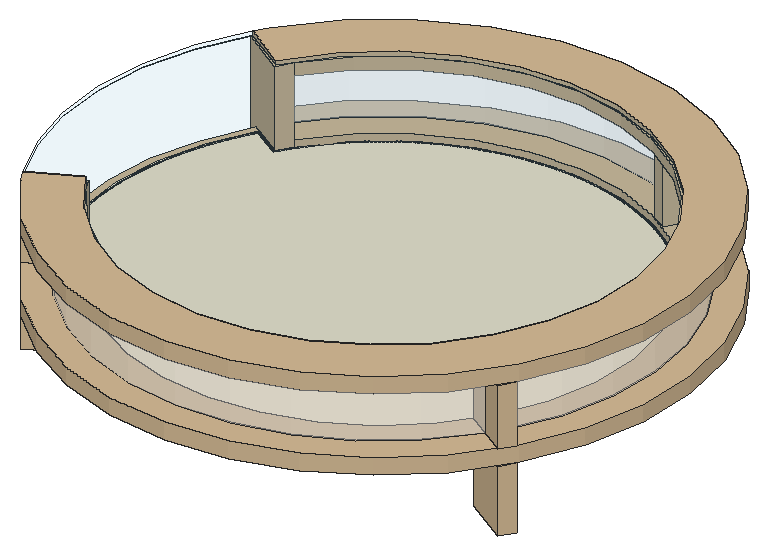
Revit family "MESA DE CENTRO M.A. 1,10M", category Modelos genéricos, Revit 2024
Family settings
  Pode hospedar o vergalhão = Não
  Cota do conector redondo = Utilizar diâmetro
  Tipo de parte = Normal
  Com base no plano de trabalho = Não
  Sempre na vertical = Sim
  Corte com vazios quando carregada = Sim
  Manter orientação da anotação = Não
  Compartilhado = Não
  Ponto de cálculo do ambiente = Não
Parameters
  Elevação padrão = 0.0 cm
Reference planes (cm)
  plane 1 "Centro (Frente/Trás)": y = 0
  plane 2: z = 0
  plane 3 "Centro (Esquerda/Direita)": x = 0
  plane 4: x = -125
  plane 5: x = 125
  plane 6: y = -28
  plane 7: y = 28
Forms (cm)
  Extrusion 1, solid, material "MADEIRA NATURAL"
    sketch origin (1892.8496, 374.0535, -14) x (0.691663, 0.722221, 0) y (0.722221, -0.691663, 0)
      loop
        arc (-144.3241, 424.486) -> (-144.7005, 423.0326) -> (-145.1388, 421.5968) r 35
        line (-145.1388, 421.5968) -> (-135.4031, 419.2124)
        arc (-135.4031, 419.2124) -> (-134.9829, 420.6531) -> (-134.611, 422.107) r 45
        line (-134.611, 422.107) -> (-144.3241, 424.486)
      loop
        line (-177.4073, 478.5663) -> (-175.0284, 488.2792)
        arc (-175.0284, 488.2792) -> (-176.4921, 488.6119) -> (-177.9661, 488.8956) r 45
        line (-177.9661, 488.8956) -> (-180.3518, 479.1548)
        arc (-180.3518, 479.1548) -> (-178.8733, 478.8922) -> (-177.4073, 478.5663) r 35
    from -61.0046 to -49.0046
  Extrusion 2, solid, material "MADEIRA NATURAL"
    sketch origin (1883.0016, 375.79, 0) x (0.691663, 0.722221, 0) y (0.722221, -0.691663, 0)
      loop
        line (-235.3676, 427.7641) -> (-225.7665, 430.5604)
        arc (-225.7665, 430.5604) -> (-226.1621, 432.0084) -> (-226.5093, 433.4688) r 45
        line (-226.5093, 433.4688) -> (-236.1278, 430.6674)
        arc (-236.1278, 430.6674) -> (-235.7675, 429.2106) -> (-235.3676, 427.7641) r 55
      loop
        line (-193.2666, 399.4356) -> (-195.6454, 389.7227)
        arc (-195.6454, 389.7227) -> (-194.1831, 389.3856) -> (-192.7121, 389.0886) r 55
        line (-192.7121, 389.0886) -> (-190.3289, 398.8192)
        arc (-190.3289, 398.8192) -> (-191.8029, 399.1029) -> (-193.2666, 399.4356) r 45
    from -64.0046 to -35.0046
  Extrusion 3, solid, material "MADEIRA NATURAL"
    sketch origin (1621.2637, 481.4726, 16.57) x (0.707107, -0.707107, 0) y (0.707107, 0.707107, 0)
      loop
        arc (695.4744, -116.4193) -> (745.6814, -23.7052) -> (652.9672, -73.9121) r 55
        line (652.9672, -73.9121) -> (662.6441, -71.3192)
        arc (662.6441, -71.3192) -> (738.6103, -30.7762) -> (698.0673, -106.7425) r 45
        line (698.0673, -106.7425) -> (695.4744, -116.4193)
    from 44.4346 to 47.4346
  Extrusion 4, solid, material "_PALHINHA"
    sketch origin (1646.7721, 327.0603, 45.0046) x (0.707107, -0.707107, 0) y (0.707107, 0.707107, 0)
      loop
        arc (569.5216, -20.5297) -> (614.9934, -6.8733) -> (628.6499, 38.5986) r 50.1
        line (628.6499, 38.5986) -> (628.4564, 38.5467)
        arc (628.4564, 38.5467) -> (614.852, -6.7318) -> (569.5735, -20.3362) r 49.9
        line (569.5735, -20.3362) -> (569.5216, -20.5297)
      loop
        line (530.4849, 18.507) -> (530.6784, 18.5589)
        arc (530.6784, 18.5589) -> (536.4251, 53.6278) -> (564.0523, 75.9795) r 49.9
        line (564.0523, 75.9795) -> (564.0005, 76.173)
        arc (564.0005, 76.173) -> (536.2519, 53.7278) -> (530.4849, 18.507) r 50.1
      loop
        line (627.7671, 41.4679) -> (627.9603, 41.5196)
        arc (627.9603, 41.5196) -> (604.7422, 71.8684) -> (566.8794, 77.0195) r 50.1
        line (566.8794, 77.0195) -> (566.9312, 76.8263)
        arc (566.9312, 76.8263) -> (604.6422, 71.6952) -> (627.7671, 41.4679) r 49.9
    from 5 to 16
  Extrusion 5, solid, material "MADEIRA NATURAL"
    sketch origin (1892.8496, 374.0535, 2) x (0.691663, 0.722221, 0) y (0.722221, -0.691663, 0)
      loop
        line (-177.4073, 478.5663) -> (-175.0284, 488.2792)
        arc (-175.0284, 488.2792) -> (-176.4921, 488.6119) -> (-177.9661, 488.8956) r 45
        line (-177.9661, 488.8956) -> (-180.3518, 479.1548)
        arc (-180.3518, 479.1548) -> (-178.8733, 478.8922) -> (-177.4073, 478.5663) r 35
      loop
        arc (-144.3432, 424.4057) -> (-144.7195, 422.9524) -> (-145.1578, 421.5166) r 35
        line (-145.1578, 421.5166) -> (-135.4222, 419.1322)
        arc (-135.4222, 419.1322) -> (-135.0019, 420.5729) -> (-134.63, 422.0268) r 45
        line (-134.63, 422.0268) -> (-144.3432, 424.4057)
    from -59.0046 to -48.0046
  Extrusion 6, solid, material "Vidro"
    sketch origin (1592.2657, 494.2748, 63.2046) x (0.707107, -0.707107, 0) y (0.707107, 0.707107, 0)
      loop
        line (692.5146, -62.5784) -> (683.1449, -65.089)
        arc (683.1449, -65.089) -> (697.4568, -90.0348) -> (722.4026, -104.3467) r 55
        line (722.4026, -104.3467) -> (724.9132, -94.977)
        arc (724.9132, -94.977) -> (768.3796, -19.112) -> (692.5146, -62.5784) r 45.3
    from 0 to 0.8
  Extrusion 7, solid, material "MADEIRA NATURAL"
    sketch origin (1621.2637, 481.4726, 2.57) x (0.707107, -0.707107, 0) y (0.707107, 0.707107, 0)
      loop
        arc (695.4744, -116.4193) -> (745.6814, -23.7052) -> (652.9672, -73.9121) r 55
        line (652.9672, -73.9121) -> (662.6441, -71.3192)
        arc (662.6441, -71.3192) -> (738.6103, -30.7762) -> (698.0673, -106.7425) r 45
        line (698.0673, -106.7425) -> (695.4744, -116.4193)
    from 44.4346 to 47.4346
  Extrusion 8, solid, material "MADEIRA NATURAL"
    sketch origin (1621.2637, 481.4726, 2.57) x (0.707107, -0.707107, 0) y (0.707107, 0.707107, 0)
      loop
        arc (655.5964, -76.3134) -> (669.3138, -100.0727) -> (693.0731, -113.7901) r 53
        line (693.0731, -113.7901) -> (695.1436, -106.0627)
        arc (695.1436, -106.0627) -> (696.5998, -106.427) -> (698.0673, -106.7425) r 45
        arc (698.0673, -106.7425) -> (738.6103, -30.7762) -> (662.6441, -71.3192) r 45
        arc (662.6441, -71.3192) -> (662.9596, -72.7867) -> (663.3238, -74.2429) r 45
        line (663.3238, -74.2429) -> (655.5964, -76.3134)
    from 44.4346 to 45.9346
  Extrusion 9, void
    sketch origin (1592.2657, 494.2748, 63.1921) x (0.707107, -0.707107, 0) y (0.707107, 0.707107, 0)
      loop
        line (692.5146, -62.5784) -> (683.1449, -65.089)
        arc (683.1449, -65.089) -> (697.4568, -90.0348) -> (722.4026, -104.3467) r 55
        line (722.4026, -104.3467) -> (724.9132, -94.977)
        arc (724.9132, -94.977) -> (768.3796, -19.112) -> (692.5146, -62.5784) r 45.3
    from 0 to 0.8
  Extrusion 10, solid, material "COURO", not visible
    sketch origin (1318.828, -196.3936, 44.5852) x (0.998729, -0.050408, 0) y (0.050408, 0.998729, 0)
      loop
        line (762.865, 30.5602) -> (762.9664, 30.6028) -> (762.8502, 30.8794) -> (762.7488, 30.8367) -> (762.865, 30.5602)
    from 0 to 0.0248
  Extrusion 11, solid, material "COURO"
    sketch origin (1645.7337, 345.0679, 4.07) x (0.707107, -0.707107, 0) y (0.707107, 0.707107, 0)
      loop
        arc (581.3881, -26.9129) -> (624.8547, 48.3736) -> (549.5683, 4.907) r 45
        line (549.5683, 4.907) -> (543.2897, 3.2246)
        arc (543.2897, 3.2246) -> (556.6189, -19.8622) -> (579.7057, -33.1914) r 51.5
        line (579.7057, -33.1914) -> (581.3881, -26.9129)
    from 44.4346 to 44.5689
  Extrusion 12, solid, material "COURO"
    sketch origin (1601.5802, 498.6675, 4.1881) x (0.707107, -0.707107, 0) y (0.707107, 0.707107, 0)
      loop
        line (683.7058, -74.3891) -> (683.9956, -74.3114) -> (683.9697, -74.2148) -> (683.6799, -74.2925) -> (683.7058, -74.3891)
      loop
        line (684.0922, -74.2856) -> (684.382, -74.2079) -> (684.3561, -74.1113) -> (684.0663, -74.189) -> (684.0922, -74.2856)
      loop
        line (684.4786, -74.182) -> (684.7683, -74.1044) -> (684.7425, -74.0078) -> (684.4527, -74.0854) -> (684.4786, -74.182)
      loop
        line (684.8649, -74.0785) -> (685.1547, -74.0009) -> (685.1288, -73.9043) -> (684.8391, -73.9819) -> (684.8649, -74.0785)
      loop
        line (685.2513, -73.975) -> (685.5411, -73.8973) -> (685.5152, -73.8007) -> (685.2254, -73.8784) -> (685.2513, -73.975)
      loop
        line (685.6377, -73.8714) -> (685.9275, -73.7938) -> (685.9016, -73.6972) -> (685.6118, -73.7749) -> (685.6377, -73.8714)
      loop
        line (686.024, -73.7679) -> (686.3138, -73.6903) -> (686.2879, -73.5937) -> (685.9982, -73.6713) -> (686.024, -73.7679)
      loop
        line (686.4104, -73.6644) -> (686.7002, -73.5867) -> (686.6743, -73.4902) -> (686.3845, -73.5678) -> (686.4104, -73.6644)
      loop
        line (686.7968, -73.5609) -> (687.0866, -73.4832) -> (687.0607, -73.3866) -> (686.7709, -73.4643) -> (686.7968, -73.5609)
      loop
        line (687.1832, -73.4573) -> (687.4729, -73.3797) -> (687.4471, -73.2831) -> (687.1573, -73.3607) -> (687.1832, -73.4573)
      loop
        line (687.5695, -73.3538) -> (687.8593, -73.2762) -> (687.8334, -73.1796) -> (687.5436, -73.2572) -> (687.5695, -73.3538)
      loop
        line (687.9559, -73.2503) -> (688.2457, -73.1726) -> (688.2198, -73.076) -> (687.93, -73.1537) -> (687.9559, -73.2503)
      loop
        line (688.3423, -73.1468) -> (688.632, -73.0691) -> (688.6062, -72.9725) -> (688.3164, -73.0502) -> (688.3423, -73.1468)
      loop
        line (688.7286, -73.0432) -> (689.0184, -72.9656) -> (688.9925, -72.869) -> (688.7028, -72.9466) -> (688.7286, -73.0432)
      loop
        line (689.115, -72.9397) -> (689.4048, -72.8621) -> (689.3789, -72.7655) -> (689.0891, -72.8431) -> (689.115, -72.9397)
      loop
        line (689.5014, -72.8362) -> (689.7912, -72.7585) -> (689.7653, -72.6619) -> (689.4755, -72.7396) -> (689.5014, -72.8362)
    from 44.4346 to 44.4509
  Extrusion 13, solid, material "COURO"
    sketch origin (1601.6957, 498.6601, 4.1881) x (0.707107, -0.707107, 0) y (0.707107, 0.707107, 0)
      loop
        arc (683.405, -74.3579) -> (683.4547, -74.503) -> (683.5052, -74.6479) r 26.2
        line (683.5052, -74.6479) -> (683.6068, -74.6354)
        arc (683.6068, -74.6354) -> (683.5562, -74.4906) -> (683.5064, -74.3454) r 26.1
        line (683.5064, -74.3454) -> (683.405, -74.3579)
    from 44.4346 to 44.4509
  Extrusion 14, solid, material "COURO"
    sketch origin (1349.1526, -168.2189, 4.1881) x (0.97437, 0.224951, 0) y (-0.224951, 0.97437, 0)
      loop
        arc (683.405, -74.3579) -> (683.4547, -74.503) -> (683.5052, -74.6479) r 26.2
        line (683.5052, -74.6479) -> (683.6068, -74.6354)
        arc (683.6068, -74.6354) -> (683.5562, -74.4906) -> (683.5064, -74.3454) r 26.1
        line (683.5064, -74.3454) -> (683.405, -74.3579)
    from 44.4346 to 44.4509
  Extrusion 15, solid, material "COURO"
    sketch origin (1596.9387, 494.5969, 4.1881) x (0.713096, -0.701066, 0) y (0.701066, 0.713096, 0)
      loop
        arc (683.405, -74.3579) -> (683.4547, -74.503) -> (683.5052, -74.6479) r 26.2
        line (683.5052, -74.6479) -> (683.6068, -74.6354)
        arc (683.6068, -74.6354) -> (683.5562, -74.4906) -> (683.5064, -74.3454) r 26.1
        line (683.5064, -74.3454) -> (683.405, -74.3579)
    from 44.4346 to 44.4509
  Extrusion 16, solid, material "COURO"
    sketch origin (1592.2164, 490.4934, 4.1881) x (0.719034, -0.694975, 0) y (0.694975, 0.719034, 0)
      loop
        arc (683.405, -74.3579) -> (683.4547, -74.503) -> (683.5052, -74.6479) r 26.2
        line (683.5052, -74.6479) -> (683.6068, -74.6354)
        arc (683.6068, -74.6354) -> (683.5562, -74.4906) -> (683.5064, -74.3454) r 26.1
        line (683.5064, -74.3454) -> (683.405, -74.3579)
    from 44.4346 to 44.4509
  Extrusion 17, solid, material "COURO"
    sketch origin (1587.5292, 486.3499, 4.1881) x (0.72492, -0.688833, 0) y (0.688833, 0.72492, 0)
      loop
        arc (683.405, -74.3579) -> (683.4547, -74.503) -> (683.5052, -74.6479) r 26.2
        line (683.5052, -74.6479) -> (683.6068, -74.6354)
        arc (683.6068, -74.6354) -> (683.5562, -74.4906) -> (683.5064, -74.3454) r 26.1
        line (683.5064, -74.3454) -> (683.405, -74.3579)
    from 44.4346 to 44.4509
  Extrusion 18, solid, material "COURO"
    sketch origin (1582.8774, 482.1666, 4.1881) x (0.730753, -0.682642, 0) y (0.682642, 0.730753, 0)
      loop
        arc (683.405, -74.3579) -> (683.4547, -74.503) -> (683.5052, -74.6479) r 26.2
        line (683.5052, -74.6479) -> (683.6068, -74.6354)
        arc (683.6068, -74.6354) -> (683.5562, -74.4906) -> (683.5064, -74.3454) r 26.1
        line (683.5064, -74.3454) -> (683.405, -74.3579)
    from 44.4346 to 44.4509
  Extrusion 19, solid, material "COURO"
    sketch origin (1578.2614, 477.9439, 4.1881) x (0.736534, -0.676401, 0) y (0.676401, 0.736534, 0)
      loop
        arc (683.405, -74.3579) -> (683.4547, -74.503) -> (683.5052, -74.6479) r 26.2
        line (683.5052, -74.6479) -> (683.6068, -74.6354)
        arc (683.6068, -74.6354) -> (683.5562, -74.4906) -> (683.5064, -74.3454) r 26.1
        line (683.5064, -74.3454) -> (683.405, -74.3579)
    from 44.4346 to 44.4509
  Extrusion 20, solid, material "COURO"
    sketch origin (1573.6814, 473.6821, 4.1881) x (0.742261, -0.670111, 0) y (0.670111, 0.742261, 0)
      loop
        arc (683.405, -74.3579) -> (683.4547, -74.503) -> (683.5052, -74.6479) r 26.2
        line (683.5052, -74.6479) -> (683.6068, -74.6354)
        arc (683.6068, -74.6354) -> (683.5562, -74.4906) -> (683.5064, -74.3454) r 26.1
        line (683.5064, -74.3454) -> (683.405, -74.3579)
    from 44.4346 to 44.4509
  Extrusion 21, solid, material "COURO"
    sketch origin (1569.1379, 469.3815, 4.1881) x (0.747934, -0.663773, 0) y (0.663773, 0.747934, 0)
      loop
        arc (683.405, -74.3579) -> (683.4547, -74.503) -> (683.5052, -74.6479) r 26.2
        line (683.5052, -74.6479) -> (683.6068, -74.6354)
        arc (683.6068, -74.6354) -> (683.5562, -74.4906) -> (683.5064, -74.3454) r 26.1
        line (683.5064, -74.3454) -> (683.405, -74.3579)
    from 44.4346 to 44.4509
  Extrusion 22, solid, material "COURO"
    sketch origin (1564.6311, 465.0424, 4.1881) x (0.753554, -0.657386, 0) y (0.657386, 0.753554, 0)
      loop
        arc (683.405, -74.3579) -> (683.4547, -74.503) -> (683.5052, -74.6479) r 26.2
        line (683.5052, -74.6479) -> (683.6068, -74.6354)
        arc (683.6068, -74.6354) -> (683.5562, -74.4906) -> (683.5064, -74.3454) r 26.1
        line (683.5064, -74.3454) -> (683.405, -74.3579)
    from 44.4346 to 44.4509
  Extrusion 23, solid, material "COURO"
    sketch origin (1560.1614, 460.6651, 4.1881) x (0.759119, -0.650952, 0) y (0.650952, 0.759119, 0)
      loop
        arc (683.405, -74.3579) -> (683.4547, -74.503) -> (683.5052, -74.6479) r 26.2
        line (683.5052, -74.6479) -> (683.6068, -74.6354)
        arc (683.6068, -74.6354) -> (683.5562, -74.4906) -> (683.5064, -74.3454) r 26.1
        line (683.5064, -74.3454) -> (683.405, -74.3579)
    from 44.4346 to 44.4509
  Extrusion 24, solid, material "COURO"
    sketch origin (1555.7291, 456.25, 4.1881) x (0.764628, -0.644471, 0) y (0.644471, 0.764628, 0)
      loop
        arc (683.405, -74.3579) -> (683.4547, -74.503) -> (683.5052, -74.6479) r 26.2
        line (683.5052, -74.6479) -> (683.6068, -74.6354)
        arc (683.6068, -74.6354) -> (683.5562, -74.4906) -> (683.5064, -74.3454) r 26.1
        line (683.5064, -74.3454) -> (683.405, -74.3579)
    from 44.4346 to 44.4509
  Extrusion 25, solid, material "COURO"
    sketch origin (1551.3346, 451.7973, 4.1881) x (0.770083, -0.637944, 0) y (0.637944, 0.770083, 0)
      loop
        arc (683.405, -74.3579) -> (683.4547, -74.503) -> (683.5052, -74.6479) r 26.2
        line (683.5052, -74.6479) -> (683.6068, -74.6354)
        arc (683.6068, -74.6354) -> (683.5562, -74.4906) -> (683.5064, -74.3454) r 26.1
        line (683.5064, -74.3454) -> (683.405, -74.3579)
    from 44.4346 to 44.4509
  Extrusion 26, solid, material "COURO"
    sketch origin (1546.978, 447.3074, 4.1881) x (0.775482, -0.63137, 0) y (0.63137, 0.775482, 0)
      loop
        arc (683.405, -74.3579) -> (683.4547, -74.503) -> (683.5052, -74.6479) r 26.2
        line (683.5052, -74.6479) -> (683.6068, -74.6354)
        arc (683.6068, -74.6354) -> (683.5562, -74.4906) -> (683.5064, -74.3454) r 26.1
        line (683.5064, -74.3454) -> (683.405, -74.3579)
    from 44.4346 to 44.4509
  Extrusion 27, solid, material "COURO"
    sketch origin (1542.6598, 442.7806, 4.1881) x (0.780825, -0.62475, 0) y (0.62475, 0.780825, 0)
      loop
        arc (683.405, -74.3579) -> (683.4547, -74.503) -> (683.5052, -74.6479) r 26.2
        line (683.5052, -74.6479) -> (683.6068, -74.6354)
        arc (683.6068, -74.6354) -> (683.5562, -74.4906) -> (683.5064, -74.3454) r 26.1
        line (683.5064, -74.3454) -> (683.405, -74.3579)
    from 44.4346 to 44.4509
  Extrusion 28, solid, material "COURO"
    sketch origin (1538.3803, 438.2172, 4.1881) x (0.786111, -0.618086, 0) y (0.618086, 0.786111, 0)
      loop
        arc (683.405, -74.3579) -> (683.4547, -74.503) -> (683.5052, -74.6479) r 26.2
        line (683.5052, -74.6479) -> (683.6068, -74.6354)
        arc (683.6068, -74.6354) -> (683.5562, -74.4906) -> (683.5064, -74.3454) r 26.1
        line (683.5064, -74.3454) -> (683.405, -74.3579)
    from 44.4346 to 44.4509
  Extrusion 29, solid, material "COURO"
    sketch origin (1534.1397, 433.6176, 4.1881) x (0.79134, -0.611376, 0) y (0.611376, 0.79134, 0)
      loop
        arc (683.405, -74.3579) -> (683.4547, -74.503) -> (683.5052, -74.6479) r 26.2
        line (683.5052, -74.6479) -> (683.6068, -74.6354)
        arc (683.6068, -74.6354) -> (683.5562, -74.4906) -> (683.5064, -74.3454) r 26.1
        line (683.5064, -74.3454) -> (683.405, -74.3579)
    from 44.4346 to 44.4509
  Extrusion 30, solid, material "COURO"
    sketch origin (1529.9384, 428.9821, 4.1881) x (0.796512, -0.604622, 0) y (0.604622, 0.796512, 0)
      loop
        arc (683.405, -74.3579) -> (683.4547, -74.503) -> (683.5052, -74.6479) r 26.2
        line (683.5052, -74.6479) -> (683.6068, -74.6354)
        arc (683.6068, -74.6354) -> (683.5562, -74.4906) -> (683.5064, -74.3454) r 26.1
        line (683.5064, -74.3454) -> (683.405, -74.3579)
    from 44.4346 to 44.4509
  Extrusion 31, solid, material "COURO"
    sketch origin (1525.7767, 424.311, 4.1881) x (0.801627, -0.597825, 0) y (0.597825, 0.801627, 0)
      loop
        arc (683.405, -74.3579) -> (683.4547, -74.503) -> (683.5052, -74.6479) r 26.2
        line (683.5052, -74.6479) -> (683.6068, -74.6354)
        arc (683.6068, -74.6354) -> (683.5562, -74.4906) -> (683.5064, -74.3454) r 26.1
        line (683.5064, -74.3454) -> (683.405, -74.3579)
    from 44.4346 to 44.4509
  Extrusion 32, solid, material "COURO"
    sketch origin (1521.6549, 419.6046, 4.1881) x (0.806683, -0.590984, 0) y (0.590984, 0.806683, 0)
      loop
        arc (683.405, -74.3579) -> (683.4547, -74.503) -> (683.5052, -74.6479) r 26.2
        line (683.5052, -74.6479) -> (683.6068, -74.6354)
        arc (683.6068, -74.6354) -> (683.5562, -74.4906) -> (683.5064, -74.3454) r 26.1
        line (683.5064, -74.3454) -> (683.405, -74.3579)
    from 44.4346 to 44.4509
  Extrusion 33, solid, material "COURO"
    sketch origin (1517.5733, 414.8634, 4.1881) x (0.811681, -0.584101, 0) y (0.584101, 0.811681, 0)
      loop
        arc (683.405, -74.3579) -> (683.4547, -74.503) -> (683.5052, -74.6479) r 26.2
        line (683.5052, -74.6479) -> (683.6068, -74.6354)
        arc (683.6068, -74.6354) -> (683.5562, -74.4906) -> (683.5064, -74.3454) r 26.1
        line (683.5064, -74.3454) -> (683.405, -74.3579)
    from 44.4346 to 44.4509
  Extrusion 34, solid, material "COURO"
    sketch origin (1513.5322, 410.0877, 4.1881) x (0.81662, -0.577175, 0) y (0.577175, 0.81662, 0)
      loop
        arc (683.405, -74.3579) -> (683.4547, -74.503) -> (683.5052, -74.6479) r 26.2
        line (683.5052, -74.6479) -> (683.6068, -74.6354)
        arc (683.6068, -74.6354) -> (683.5562, -74.4906) -> (683.5064, -74.3454) r 26.1
        line (683.5064, -74.3454) -> (683.405, -74.3579)
    from 44.4346 to 44.4509
  Extrusion 35, solid, material "COURO"
    sketch origin (1509.5318, 405.2777, 4.1881) x (0.821501, -0.570208, 0) y (0.570208, 0.821501, 0)
      loop
        arc (683.405, -74.3579) -> (683.4547, -74.503) -> (683.5052, -74.6479) r 26.2
        line (683.5052, -74.6479) -> (683.6068, -74.6354)
        arc (683.6068, -74.6354) -> (683.5562, -74.4906) -> (683.5064, -74.3454) r 26.1
        line (683.5064, -74.3454) -> (683.405, -74.3579)
    from 44.4346 to 44.4509
  Extrusion 36, solid, material "COURO"
    sketch origin (1505.5725, 400.4339, 4.1881) x (0.826321, -0.563199, 0) y (0.563199, 0.826321, 0)
      loop
        arc (683.405, -74.3579) -> (683.4547, -74.503) -> (683.5052, -74.6479) r 26.2
        line (683.5052, -74.6479) -> (683.6068, -74.6354)
        arc (683.6068, -74.6354) -> (683.5562, -74.4906) -> (683.5064, -74.3454) r 26.1
        line (683.5064, -74.3454) -> (683.405, -74.3579)
    from 44.4346 to 44.4509
  Extrusion 37, solid, material "COURO"
    sketch origin (1501.6545, 395.5565, 4.1881) x (0.831082, -0.556149, 0) y (0.556149, 0.831082, 0)
      loop
        arc (683.405, -74.3579) -> (683.4547, -74.503) -> (683.5052, -74.6479) r 26.2
        line (683.5052, -74.6479) -> (683.6068, -74.6354)
        arc (683.6068, -74.6354) -> (683.5562, -74.4906) -> (683.5064, -74.3454) r 26.1
        line (683.5064, -74.3454) -> (683.405, -74.3579)
    from 44.4346 to 44.4509
  Extrusion 38, solid, material "COURO"
    sketch origin (1497.7782, 390.6461, 4.1881) x (0.835783, -0.54906, 0) y (0.54906, 0.835783, 0)
      loop
        arc (683.405, -74.3579) -> (683.4547, -74.503) -> (683.5052, -74.6479) r 26.2
        line (683.5052, -74.6479) -> (683.6068, -74.6354)
        arc (683.6068, -74.6354) -> (683.5562, -74.4906) -> (683.5064, -74.3454) r 26.1
        line (683.5064, -74.3454) -> (683.405, -74.3579)
    from 44.4346 to 44.4509
  Extrusion 39, solid, material "COURO"
    sketch origin (1493.9437, 385.7028, 4.1881) x (0.840424, -0.54193, 0) y (0.54193, 0.840424, 0)
      loop
        arc (683.405, -74.3579) -> (683.4547, -74.503) -> (683.5052, -74.6479) r 26.2
        line (683.5052, -74.6479) -> (683.6068, -74.6354)
        arc (683.6068, -74.6354) -> (683.5562, -74.4906) -> (683.5064, -74.3454) r 26.1
        line (683.5064, -74.3454) -> (683.405, -74.3579)
    from 44.4346 to 44.4509
  Extrusion 40, solid, material "COURO"
    sketch origin (1490.1515, 380.7271, 4.1881) x (0.845003, -0.534761, 0) y (0.534761, 0.845003, 0)
      loop
        arc (683.405, -74.3579) -> (683.4547, -74.503) -> (683.5052, -74.6479) r 26.2
        line (683.5052, -74.6479) -> (683.6068, -74.6354)
        arc (683.6068, -74.6354) -> (683.5562, -74.4906) -> (683.5064, -74.3454) r 26.1
        line (683.5064, -74.3454) -> (683.405, -74.3579)
    from 44.4346 to 44.4509
  Extrusion 41, solid, material "COURO"
    sketch origin (1486.4017, 375.7193, 4.1881) x (0.849522, -0.527554, 0) y (0.527554, 0.849522, 0)
      loop
        arc (683.405, -74.3579) -> (683.4547, -74.503) -> (683.5052, -74.6479) r 26.2
        line (683.5052, -74.6479) -> (683.6068, -74.6354)
        arc (683.6068, -74.6354) -> (683.5562, -74.4906) -> (683.5064, -74.3454) r 26.1
        line (683.5064, -74.3454) -> (683.405, -74.3579)
    from 44.4346 to 44.4509
  Extrusion 42, solid, material "COURO"
    sketch origin (1482.6947, 370.6798, 4.1881) x (0.853978, -0.520308, 0) y (0.520308, 0.853978, 0)
      loop
        arc (683.405, -74.3579) -> (683.4547, -74.503) -> (683.5052, -74.6479) r 26.2
        line (683.5052, -74.6479) -> (683.6068, -74.6354)
        arc (683.6068, -74.6354) -> (683.5562, -74.4906) -> (683.5064, -74.3454) r 26.1
        line (683.5064, -74.3454) -> (683.405, -74.3579)
    from 44.4346 to 44.4509
  Extrusion 43, solid, material "COURO"
    sketch origin (1479.0306, 365.6089, 4.1881) x (0.858374, -0.513025, 0) y (0.513025, 0.858374, 0)
      loop
        arc (683.405, -74.3579) -> (683.4547, -74.503) -> (683.5052, -74.6479) r 26.2
        line (683.5052, -74.6479) -> (683.6068, -74.6354)
        arc (683.6068, -74.6354) -> (683.5562, -74.4906) -> (683.5064, -74.3454) r 26.1
        line (683.5064, -74.3454) -> (683.405, -74.3579)
    from 44.4346 to 44.4509
  Extrusion 44, solid, material "COURO"
    sketch origin (1475.4099, 360.507, 4.1881) x (0.862707, -0.505705, 0) y (0.505705, 0.862707, 0)
      loop
        arc (683.405, -74.3579) -> (683.4547, -74.503) -> (683.5052, -74.6479) r 26.2
        line (683.5052, -74.6479) -> (683.6068, -74.6354)
        arc (683.6068, -74.6354) -> (683.5562, -74.4906) -> (683.5064, -74.3454) r 26.1
        line (683.5064, -74.3454) -> (683.405, -74.3579)
    from 44.4346 to 44.4509
  Extrusion 45, solid, material "COURO"
    sketch origin (1471.8326, 355.3746, 4.1881) x (0.866977, -0.498348, 0) y (0.498348, 0.866977, 0)
      loop
        arc (683.405, -74.3579) -> (683.4547, -74.503) -> (683.5052, -74.6479) r 26.2
        line (683.5052, -74.6479) -> (683.6068, -74.6354)
        arc (683.6068, -74.6354) -> (683.5562, -74.4906) -> (683.5064, -74.3454) r 26.1
        line (683.5064, -74.3454) -> (683.405, -74.3579)
    from 44.4346 to 44.4509
  Extrusion 46, solid, material "COURO"
    sketch origin (1468.2992, 350.2119, 4.1881) x (0.871185, -0.490955, 0) y (0.490955, 0.871185, 0)
      loop
        arc (683.405, -74.3579) -> (683.4547, -74.503) -> (683.5052, -74.6479) r 26.2
        line (683.5052, -74.6479) -> (683.6068, -74.6354)
        arc (683.6068, -74.6354) -> (683.5562, -74.4906) -> (683.5064, -74.3454) r 26.1
        line (683.5064, -74.3454) -> (683.405, -74.3579)
    from 44.4346 to 44.4509
  Extrusion 47, solid, material "COURO"
    sketch origin (1464.8098, 345.0193, 4.1881) x (0.87533, -0.483526, 0) y (0.483526, 0.87533, 0)
      loop
        arc (683.405, -74.3579) -> (683.4547, -74.503) -> (683.5052, -74.6479) r 26.2
        line (683.5052, -74.6479) -> (683.6068, -74.6354)
        arc (683.6068, -74.6354) -> (683.5562, -74.4906) -> (683.5064, -74.3454) r 26.1
        line (683.5064, -74.3454) -> (683.405, -74.3579)
    from 44.4346 to 44.4509
  Extrusion 48, solid, material "COURO"
    sketch origin (1461.3647, 339.7972, 4.1881) x (0.879411, -0.476063, 0) y (0.476063, 0.879411, 0)
      loop
        arc (683.405, -74.3579) -> (683.4547, -74.503) -> (683.5052, -74.6479) r 26.2
        line (683.5052, -74.6479) -> (683.6068, -74.6354)
        arc (683.6068, -74.6354) -> (683.5562, -74.4906) -> (683.5064, -74.3454) r 26.1
        line (683.5064, -74.3454) -> (683.405, -74.3579)
    from 44.4346 to 44.4509
  Extrusion 49, solid, material "COURO"
    sketch origin (1457.9641, 334.546, 4.1881) x (0.883429, -0.468565, 0) y (0.468565, 0.883429, 0)
      loop
        arc (683.405, -74.3579) -> (683.4547, -74.503) -> (683.5052, -74.6479) r 26.2
        line (683.5052, -74.6479) -> (683.6068, -74.6354)
        arc (683.6068, -74.6354) -> (683.5562, -74.4906) -> (683.5064, -74.3454) r 26.1
        line (683.5064, -74.3454) -> (683.405, -74.3579)
    from 44.4346 to 44.4509
  Extrusion 50, solid, material "COURO"
    sketch origin (1454.6084, 329.2661, 4.1881) x (0.887383, -0.461033, 0) y (0.461033, 0.887383, 0)
      loop
        arc (683.405, -74.3579) -> (683.4547, -74.503) -> (683.5052, -74.6479) r 26.2
        line (683.5052, -74.6479) -> (683.6068, -74.6354)
        arc (683.6068, -74.6354) -> (683.5562, -74.4906) -> (683.5064, -74.3454) r 26.1
        line (683.5064, -74.3454) -> (683.405, -74.3579)
    from 44.4346 to 44.4509
  Extrusion 51, solid, material "COURO"
    sketch origin (1451.2976, 323.9578, 4.1881) x (0.891273, -0.453468, 0) y (0.453468, 0.891273, 0)
      loop
        arc (683.405, -74.3579) -> (683.4547, -74.503) -> (683.5052, -74.6479) r 26.2
        line (683.5052, -74.6479) -> (683.6068, -74.6354)
        arc (683.6068, -74.6354) -> (683.5562, -74.4906) -> (683.5064, -74.3454) r 26.1
        line (683.5064, -74.3454) -> (683.405, -74.3579)
    from 44.4346 to 44.4509
  Extrusion 52, solid, material "COURO"
    sketch origin (1448.0322, 318.6216, 4.1881) x (0.895098, -0.44587, 0) y (0.44587, 0.895098, 0)
      loop
        arc (683.405, -74.3579) -> (683.4547, -74.503) -> (683.5052, -74.6479) r 26.2
        line (683.5052, -74.6479) -> (683.6068, -74.6354)
        arc (683.6068, -74.6354) -> (683.5562, -74.4906) -> (683.5064, -74.3454) r 26.1
        line (683.5064, -74.3454) -> (683.405, -74.3579)
    from 44.4346 to 44.4509
  Extrusion 53, solid, material "COURO"
    sketch origin (1444.8122, 313.2577, 4.1881) x (0.898858, -0.438239, 0) y (0.438239, 0.898858, 0)
      loop
        arc (683.405, -74.3579) -> (683.4547, -74.503) -> (683.5052, -74.6479) r 26.2
        line (683.5052, -74.6479) -> (683.6068, -74.6354)
        arc (683.6068, -74.6354) -> (683.5562, -74.4906) -> (683.5064, -74.3454) r 26.1
        line (683.5064, -74.3454) -> (683.405, -74.3579)
    from 44.4346 to 44.4509
  Extrusion 54, solid, material "COURO"
    sketch origin (1441.638, 307.8667, 4.1881) x (0.902554, -0.430577, 0) y (0.430577, 0.902554, 0)
      loop
        arc (683.405, -74.3579) -> (683.4547, -74.503) -> (683.5052, -74.6479) r 26.2
        line (683.5052, -74.6479) -> (683.6068, -74.6354)
        arc (683.6068, -74.6354) -> (683.5562, -74.4906) -> (683.5064, -74.3454) r 26.1
        line (683.5064, -74.3454) -> (683.405, -74.3579)
    from 44.4346 to 44.4509
  Extrusion 55, solid, material "COURO"
    sketch origin (1438.5098, 302.4489, 4.1881) x (0.906184, -0.422884, 0) y (0.422884, 0.906184, 0)
      loop
        arc (683.405, -74.3579) -> (683.4547, -74.503) -> (683.5052, -74.6479) r 26.2
        line (683.5052, -74.6479) -> (683.6068, -74.6354)
        arc (683.6068, -74.6354) -> (683.5562, -74.4906) -> (683.5064, -74.3454) r 26.1
        line (683.5064, -74.3454) -> (683.405, -74.3579)
    from 44.4346 to 44.4509
  Extrusion 56, solid, material "COURO"
    sketch origin (1435.4278, 297.0046, 4.1881) x (0.909748, -0.41516, 0) y (0.41516, 0.909748, 0)
      loop
        arc (683.405, -74.3579) -> (683.4547, -74.503) -> (683.5052, -74.6479) r 26.2
        line (683.5052, -74.6479) -> (683.6068, -74.6354)
        arc (683.6068, -74.6354) -> (683.5562, -74.4906) -> (683.5064, -74.3454) r 26.1
        line (683.5064, -74.3454) -> (683.405, -74.3579)
    from 44.4346 to 44.4509
  Extrusion 57, solid, material "COURO"
    sketch origin (1432.3922, 291.5343, 4.1881) x (0.913247, -0.407406, 0) y (0.407406, 0.913247, 0)
      loop
        arc (683.405, -74.3579) -> (683.4547, -74.503) -> (683.5052, -74.6479) r 26.2
        line (683.5052, -74.6479) -> (683.6068, -74.6354)
        arc (683.6068, -74.6354) -> (683.5562, -74.4906) -> (683.5064, -74.3454) r 26.1
        line (683.5064, -74.3454) -> (683.405, -74.3579)
    from 44.4346 to 44.4509
  Extrusion 58, solid, material "COURO"
    sketch origin (1429.4032, 286.0384, 4.1881) x (0.91668, -0.399623, 0) y (0.399623, 0.91668, 0)
      loop
        arc (683.405, -74.3579) -> (683.4547, -74.503) -> (683.5052, -74.6479) r 26.2
        line (683.5052, -74.6479) -> (683.6068, -74.6354)
        arc (683.6068, -74.6354) -> (683.5562, -74.4906) -> (683.5064, -74.3454) r 26.1
        line (683.5064, -74.3454) -> (683.405, -74.3579)
    from 44.4346 to 44.4509
  Extrusion 59, solid, material "COURO"
    sketch origin (1426.4611, 280.5173, 4.1881) x (0.920046, -0.391811, 0) y (0.391811, 0.920046, 0)
      loop
        arc (683.405, -74.3579) -> (683.4547, -74.503) -> (683.5052, -74.6479) r 26.2
        line (683.5052, -74.6479) -> (683.6068, -74.6354)
        arc (683.6068, -74.6354) -> (683.5562, -74.4906) -> (683.5064, -74.3454) r 26.1
        line (683.5064, -74.3454) -> (683.405, -74.3579)
    from 44.4346 to 44.4509
  Extrusion 60, solid, material "COURO"
    sketch origin (1423.5661, 274.9714, 4.1881) x (0.923345, -0.38397, 0) y (0.38397, 0.923345, 0)
      loop
        arc (683.405, -74.3579) -> (683.4547, -74.503) -> (683.5052, -74.6479) r 26.2
        line (683.5052, -74.6479) -> (683.6068, -74.6354)
        arc (683.6068, -74.6354) -> (683.5562, -74.4906) -> (683.5064, -74.3454) r 26.1
        line (683.5064, -74.3454) -> (683.405, -74.3579)
    from 44.4346 to 44.4509
  Extrusion 61, solid, material "COURO"
    sketch origin (1420.7183, 269.401, 4.1881) x (0.926578, -0.376102, 0) y (0.376102, 0.926578, 0)
      loop
        arc (683.405, -74.3579) -> (683.4547, -74.503) -> (683.5052, -74.6479) r 26.2
        line (683.5052, -74.6479) -> (683.6068, -74.6354)
        arc (683.6068, -74.6354) -> (683.5562, -74.4906) -> (683.5064, -74.3454) r 26.1
        line (683.5064, -74.3454) -> (683.405, -74.3579)
    from 44.4346 to 44.4509
  Extrusion 62, solid, material "COURO"
    sketch origin (1417.9181, 263.8066, 4.1881) x (0.929744, -0.368206, 0) y (0.368206, 0.929744, 0)
      loop
        arc (683.405, -74.3579) -> (683.4547, -74.503) -> (683.5052, -74.6479) r 26.2
        line (683.5052, -74.6479) -> (683.6068, -74.6354)
        arc (683.6068, -74.6354) -> (683.5562, -74.4906) -> (683.5064, -74.3454) r 26.1
        line (683.5064, -74.3454) -> (683.405, -74.3579)
    from 44.4346 to 44.4509
  Extrusion 63, solid, material "COURO"
    sketch origin (1415.1655, 258.1886, 4.1881) x (0.932843, -0.360284, 0) y (0.360284, 0.932843, 0)
      loop
        arc (683.405, -74.3579) -> (683.4547, -74.503) -> (683.5052, -74.6479) r 26.2
        line (683.5052, -74.6479) -> (683.6068, -74.6354)
        arc (683.6068, -74.6354) -> (683.5562, -74.4906) -> (683.5064, -74.3454) r 26.1
        line (683.5064, -74.3454) -> (683.405, -74.3579)
    from 44.4346 to 44.4509
  Extrusion 64, solid, material "COURO"
    sketch origin (1412.4608, 252.5473, 4.1881) x (0.935874, -0.352336, 0) y (0.352336, 0.935874, 0)
      loop
        arc (683.405, -74.3579) -> (683.4547, -74.503) -> (683.5052, -74.6479) r 26.2
        line (683.5052, -74.6479) -> (683.6068, -74.6354)
        arc (683.6068, -74.6354) -> (683.5562, -74.4906) -> (683.5064, -74.3454) r 26.1
        line (683.5064, -74.3454) -> (683.405, -74.3579)
    from 44.4346 to 44.4509
  Extrusion 65, solid, material "COURO"
    sketch origin (1409.8042, 246.8833, 4.1881) x (0.938837, -0.344362, 0) y (0.344362, 0.938837, 0)
      loop
        arc (683.405, -74.3579) -> (683.4547, -74.503) -> (683.5052, -74.6479) r 26.2
        line (683.5052, -74.6479) -> (683.6068, -74.6354)
        arc (683.6068, -74.6354) -> (683.5562, -74.4906) -> (683.5064, -74.3454) r 26.1
        line (683.5064, -74.3454) -> (683.405, -74.3579)
    from 44.4346 to 44.4509
  Extrusion 66, solid, material "COURO"
    sketch origin (1407.1959, 241.1969, 4.1881) x (0.941732, -0.336363, 0) y (0.336363, 0.941732, 0)
      loop
        arc (683.405, -74.3579) -> (683.4547, -74.503) -> (683.5052, -74.6479) r 26.2
        line (683.5052, -74.6479) -> (683.6068, -74.6354)
        arc (683.6068, -74.6354) -> (683.5562, -74.4906) -> (683.5064, -74.3454) r 26.1
        line (683.5064, -74.3454) -> (683.405, -74.3579)
    from 44.4346 to 44.4509
  Extrusion 67, solid, material "COURO"
    sketch origin (1404.636, 235.4884, 4.1881) x (0.94456, -0.32834, 0) y (0.32834, 0.94456, 0)
      loop
        arc (683.405, -74.3579) -> (683.4547, -74.503) -> (683.5052, -74.6479) r 26.2
        line (683.5052, -74.6479) -> (683.6068, -74.6354)
        arc (683.6068, -74.6354) -> (683.5562, -74.4906) -> (683.5064, -74.3454) r 26.1
        line (683.5064, -74.3454) -> (683.405, -74.3579)
    from 44.4346 to 44.4509
  Extrusion 68, solid, material "COURO"
    sketch origin (1402.1248, 229.7585, 4.1881) x (0.947318, -0.320293, 0) y (0.320293, 0.947318, 0)
      loop
        arc (683.405, -74.3579) -> (683.4547, -74.503) -> (683.5052, -74.6479) r 26.2
        line (683.5052, -74.6479) -> (683.6068, -74.6354)
        arc (683.6068, -74.6354) -> (683.5562, -74.4906) -> (683.5064, -74.3454) r 26.1
        line (683.5064, -74.3454) -> (683.405, -74.3579)
    from 44.4346 to 44.4509
  Extrusion 69, solid, material "COURO"
    sketch origin (1399.6625, 224.0073, 4.1881) x (0.950009, -0.312223, 0) y (0.312223, 0.950009, 0)
      loop
        arc (683.405, -74.3579) -> (683.4547, -74.503) -> (683.5052, -74.6479) r 26.2
        line (683.5052, -74.6479) -> (683.6068, -74.6354)
        arc (683.6068, -74.6354) -> (683.5562, -74.4906) -> (683.5064, -74.3454) r 26.1
        line (683.5064, -74.3454) -> (683.405, -74.3579)
    from 44.4346 to 44.4509
  Extrusion 70, solid, material "COURO"
    sketch origin (1397.2491, 218.2355, 4.1881) x (0.95263, -0.304131, 0) y (0.304131, 0.95263, 0)
      loop
        arc (683.405, -74.3579) -> (683.4547, -74.503) -> (683.5052, -74.6479) r 26.2
        line (683.5052, -74.6479) -> (683.6068, -74.6354)
        arc (683.6068, -74.6354) -> (683.5562, -74.4906) -> (683.5064, -74.3454) r 26.1
        line (683.5064, -74.3454) -> (683.405, -74.3579)
    from 44.4346 to 44.4509
  Extrusion 71, solid, material "COURO"
    sketch origin (1394.8849, 212.4433, 4.1881) x (0.955183, -0.296016, 0) y (0.296016, 0.955183, 0)
      loop
        arc (683.405, -74.3579) -> (683.4547, -74.503) -> (683.5052, -74.6479) r 26.2
        line (683.5052, -74.6479) -> (683.6068, -74.6354)
        arc (683.6068, -74.6354) -> (683.5562, -74.4906) -> (683.5064, -74.3454) r 26.1
        line (683.5064, -74.3454) -> (683.405, -74.3579)
    from 44.4346 to 44.4509
  Extrusion 72, solid, material "COURO"
    sketch origin (1392.5701, 206.6312, 4.1881) x (0.957666, -0.28788, 0) y (0.28788, 0.957666, 0)
      loop
        arc (683.405, -74.3579) -> (683.4547, -74.503) -> (683.5052, -74.6479) r 26.2
        line (683.5052, -74.6479) -> (683.6068, -74.6354)
        arc (683.6068, -74.6354) -> (683.5562, -74.4906) -> (683.5064, -74.3454) r 26.1
        line (683.5064, -74.3454) -> (683.405, -74.3579)
    from 44.4346 to 44.4509
  Extrusion 73, solid, material "COURO"
    sketch origin (1390.3048, 200.7996, 4.1881) x (0.960081, -0.279723, 0) y (0.279723, 0.960081, 0)
      loop
        arc (683.405, -74.3579) -> (683.4547, -74.503) -> (683.5052, -74.6479) r 26.2
        line (683.5052, -74.6479) -> (683.6068, -74.6354)
        arc (683.6068, -74.6354) -> (683.5562, -74.4906) -> (683.5064, -74.3454) r 26.1
        line (683.5064, -74.3454) -> (683.405, -74.3579)
    from 44.4346 to 44.4509
  Extrusion 74, solid, material "COURO"
    sketch origin (1388.0892, 194.949, 4.1881) x (0.962425, -0.271546, 0) y (0.271546, 0.962425, 0)
      loop
        arc (683.405, -74.3579) -> (683.4547, -74.503) -> (683.5052, -74.6479) r 26.2
        line (683.5052, -74.6479) -> (683.6068, -74.6354)
        arc (683.6068, -74.6354) -> (683.5562, -74.4906) -> (683.5064, -74.3454) r 26.1
        line (683.5064, -74.3454) -> (683.405, -74.3579)
    from 44.4346 to 44.4509
  Extrusion 75, solid, material "COURO"
    sketch origin (1385.9235, 189.0797, 4.1881) x (0.9647, -0.26335, 0) y (0.26335, 0.9647, 0)
      loop
        arc (683.405, -74.3579) -> (683.4547, -74.503) -> (683.5052, -74.6479) r 26.2
        line (683.5052, -74.6479) -> (683.6068, -74.6354)
        arc (683.6068, -74.6354) -> (683.5562, -74.4906) -> (683.5064, -74.3454) r 26.1
        line (683.5064, -74.3454) -> (683.405, -74.3579)
    from 44.4346 to 44.4509
  Extrusion 76, solid, material "COURO"
    sketch origin (1383.8077, 183.1922, 4.1881) x (0.966906, -0.255134, 0) y (0.255134, 0.966906, 0)
      loop
        arc (683.405, -74.3579) -> (683.4547, -74.503) -> (683.5052, -74.6479) r 26.2
        line (683.5052, -74.6479) -> (683.6068, -74.6354)
        arc (683.6068, -74.6354) -> (683.5562, -74.4906) -> (683.5064, -74.3454) r 26.1
        line (683.5064, -74.3454) -> (683.405, -74.3579)
    from 44.4346 to 44.4509
  Extrusion 77, solid, material "COURO"
    sketch origin (1381.7422, 177.2869, 4.1881) x (0.969041, -0.2469, 0) y (0.2469, 0.969041, 0)
      loop
        arc (683.405, -74.3579) -> (683.4547, -74.503) -> (683.5052, -74.6479) r 26.2
        line (683.5052, -74.6479) -> (683.6068, -74.6354)
        arc (683.6068, -74.6354) -> (683.5562, -74.4906) -> (683.5064, -74.3454) r 26.1
        line (683.5064, -74.3454) -> (683.405, -74.3579)
    from 44.4346 to 44.4509
  Extrusion 78, solid, material "COURO"
    sketch origin (1379.7269, 171.3643, 4.1881) x (0.971106, -0.238647, 0) y (0.238647, 0.971106, 0)
      loop
        arc (683.405, -74.3579) -> (683.4547, -74.503) -> (683.5052, -74.6479) r 26.2
        line (683.5052, -74.6479) -> (683.6068, -74.6354)
        arc (683.6068, -74.6354) -> (683.5562, -74.4906) -> (683.5064, -74.3454) r 26.1
        line (683.5064, -74.3454) -> (683.405, -74.3579)
    from 44.4346 to 44.4509
  Extrusion 79, solid, material "COURO"
    sketch origin (1377.7621, 165.4248, 4.1881) x (0.973101, -0.230378, 0) y (0.230378, 0.973101, 0)
      loop
        arc (683.405, -74.3579) -> (683.4547, -74.503) -> (683.5052, -74.6479) r 26.2
        line (683.5052, -74.6479) -> (683.6068, -74.6354)
        arc (683.6068, -74.6354) -> (683.5562, -74.4906) -> (683.5064, -74.3454) r 26.1
        line (683.5064, -74.3454) -> (683.405, -74.3579)
    from 44.4346 to 44.4509
  Extrusion 80, solid, material "COURO"
    sketch origin (1375.8478, 159.4687, 4.1881) x (0.975026, -0.222092, 0) y (0.222092, 0.975026, 0)
      loop
        arc (683.405, -74.3579) -> (683.4547, -74.503) -> (683.5052, -74.6479) r 26.2
        line (683.5052, -74.6479) -> (683.6068, -74.6354)
        arc (683.6068, -74.6354) -> (683.5562, -74.4906) -> (683.5064, -74.3454) r 26.1
        line (683.5064, -74.3454) -> (683.405, -74.3579)
    from 44.4346 to 44.4509
  Extrusion 81, solid, material "COURO"
    sketch origin (1373.9843, 153.4966, 4.1881) x (0.97688, -0.21379, 0) y (0.21379, 0.97688, 0)
      loop
        arc (683.405, -74.3579) -> (683.4547, -74.503) -> (683.5052, -74.6479) r 26.2
        line (683.5052, -74.6479) -> (683.6068, -74.6354)
        arc (683.6068, -74.6354) -> (683.5562, -74.4906) -> (683.5064, -74.3454) r 26.1
        line (683.5064, -74.3454) -> (683.405, -74.3579)
    from 44.4346 to 44.4509
  Extrusion 82, solid, material "COURO"
    sketch origin (1372.1717, 147.5088, 4.1881) x (0.978663, -0.205472, 0) y (0.205472, 0.978663, 0)
      loop
        arc (683.405, -74.3579) -> (683.4547, -74.503) -> (683.5052, -74.6479) r 26.2
        line (683.5052, -74.6479) -> (683.6068, -74.6354)
        arc (683.6068, -74.6354) -> (683.5562, -74.4906) -> (683.5064, -74.3454) r 26.1
        line (683.5064, -74.3454) -> (683.405, -74.3579)
    from 44.4346 to 44.4509
  Extrusion 83, solid, material "COURO"
    sketch origin (1370.4101, 141.5059, 4.1881) x (0.980375, -0.19714, 0) y (0.19714, 0.980375, 0)
      loop
        arc (683.405, -74.3579) -> (683.4547, -74.503) -> (683.5052, -74.6479) r 26.2
        line (683.5052, -74.6479) -> (683.6068, -74.6354)
        arc (683.6068, -74.6354) -> (683.5562, -74.4906) -> (683.5064, -74.3454) r 26.1
        line (683.5064, -74.3454) -> (683.405, -74.3579)
    from 44.4346 to 44.4509
  Extrusion 84, solid, material "COURO"
    sketch origin (1368.6996, 135.4882, 4.1881) x (0.982017, -0.188793, 0) y (0.188793, 0.982017, 0)
      loop
        arc (683.405, -74.3579) -> (683.4547, -74.503) -> (683.5052, -74.6479) r 26.2
        line (683.5052, -74.6479) -> (683.6068, -74.6354)
        arc (683.6068, -74.6354) -> (683.5562, -74.4906) -> (683.5064, -74.3454) r 26.1
        line (683.5064, -74.3454) -> (683.405, -74.3579)
    from 44.4346 to 44.4509
  Extrusion 85, solid, material "COURO"
    sketch origin (1367.0403, 129.4561, 4.1881) x (0.983587, -0.180433, 0) y (0.180433, 0.983587, 0)
      loop
        arc (683.405, -74.3579) -> (683.4547, -74.503) -> (683.5052, -74.6479) r 26.2
        line (683.5052, -74.6479) -> (683.6068, -74.6354)
        arc (683.6068, -74.6354) -> (683.5562, -74.4906) -> (683.5064, -74.3454) r 26.1
        line (683.5064, -74.3454) -> (683.405, -74.3579)
    from 44.4346 to 44.4509
  Extrusion 86, solid, material "COURO"
    sketch origin (1365.4325, 123.4102, 4.1881) x (0.985087, -0.172059, 0) y (0.172059, 0.985087, 0)
      loop
        arc (683.405, -74.3579) -> (683.4547, -74.503) -> (683.5052, -74.6479) r 26.2
        line (683.5052, -74.6479) -> (683.6068, -74.6354)
        arc (683.6068, -74.6354) -> (683.5562, -74.4906) -> (683.5064, -74.3454) r 26.1
        line (683.5064, -74.3454) -> (683.405, -74.3579)
    from 44.4346 to 44.4509
  Extrusion 87, solid, material "COURO"
    sketch origin (1363.8761, 117.3507, 4.1881) x (0.986515, -0.163673, 0) y (0.163673, 0.986515, 0)
      loop
        arc (683.405, -74.3579) -> (683.4547, -74.503) -> (683.5052, -74.6479) r 26.2
        line (683.5052, -74.6479) -> (683.6068, -74.6354)
        arc (683.6068, -74.6354) -> (683.5562, -74.4906) -> (683.5064, -74.3454) r 26.1
        line (683.5064, -74.3454) -> (683.405, -74.3579)
    from 44.4346 to 44.4509
  Extrusion 88, solid, material "COURO"
    sketch origin (1362.3713, 111.2783, 4.1881) x (0.987871, -0.155275, 0) y (0.155275, 0.987871, 0)
      loop
        arc (683.405, -74.3579) -> (683.4547, -74.503) -> (683.5052, -74.6479) r 26.2
        line (683.5052, -74.6479) -> (683.6068, -74.6354)
        arc (683.6068, -74.6354) -> (683.5562, -74.4906) -> (683.5064, -74.3454) r 26.1
        line (683.5064, -74.3454) -> (683.405, -74.3579)
    from 44.4346 to 44.4509
  Extrusion 89, solid, material "COURO"
    sketch origin (1360.9182, 105.1933, 4.1881) x (0.989156, -0.146866, 0) y (0.146866, 0.989156, 0)
      loop
        arc (683.405, -74.3579) -> (683.4547, -74.503) -> (683.5052, -74.6479) r 26.2
        line (683.5052, -74.6479) -> (683.6068, -74.6354)
        arc (683.6068, -74.6354) -> (683.5562, -74.4906) -> (683.5064, -74.3454) r 26.1
        line (683.5064, -74.3454) -> (683.405, -74.3579)
    from 44.4346 to 44.4509
  Extrusion 90, solid, material "COURO"
    sketch origin (1359.517, 99.0961, 4.1881) x (0.99037, -0.138447, 0) y (0.138447, 0.99037, 0)
      loop
        arc (683.405, -74.3579) -> (683.4547, -74.503) -> (683.5052, -74.6479) r 26.2
        line (683.5052, -74.6479) -> (683.6068, -74.6354)
        arc (683.6068, -74.6354) -> (683.5562, -74.4906) -> (683.5064, -74.3454) r 26.1
        line (683.5064, -74.3454) -> (683.405, -74.3579)
    from 44.4346 to 44.4509
  Extrusion 91, solid, material "COURO"
    sketch origin (1358.1676, 92.9873, 4.1881) x (0.991512, -0.130017, 0) y (0.130017, 0.991512, 0)
      loop
        arc (683.405, -74.3579) -> (683.4547, -74.503) -> (683.5052, -74.6479) r 26.2
        line (683.5052, -74.6479) -> (683.6068, -74.6354)
        arc (683.6068, -74.6354) -> (683.5562, -74.4906) -> (683.5064, -74.3454) r 26.1
        line (683.5064, -74.3454) -> (683.405, -74.3579)
    from 44.4346 to 44.4509
  Extrusion 92, solid, material "COURO"
    sketch origin (1356.8703, 86.8672, 4.1881) x (0.992582, -0.121578, 0) y (0.121578, 0.992582, 0)
      loop
        arc (683.405, -74.3579) -> (683.4547, -74.503) -> (683.5052, -74.6479) r 26.2
        line (683.5052, -74.6479) -> (683.6068, -74.6354)
        arc (683.6068, -74.6354) -> (683.5562, -74.4906) -> (683.5064, -74.3454) r 26.1
        line (683.5064, -74.3454) -> (683.405, -74.3579)
    from 44.4346 to 44.4509
  Extrusion 93, solid, material "COURO"
    sketch origin (1355.6251, 80.7363, 4.1881) x (0.99358, -0.11313, 0) y (0.11313, 0.99358, 0)
      loop
        arc (683.405, -74.3579) -> (683.4547, -74.503) -> (683.5052, -74.6479) r 26.2
        line (683.5052, -74.6479) -> (683.6068, -74.6354)
        arc (683.6068, -74.6354) -> (683.5562, -74.4906) -> (683.5064, -74.3454) r 26.1
        line (683.5064, -74.3454) -> (683.405, -74.3579)
    from 44.4346 to 44.4509
  Extrusion 94, solid, material "COURO"
    sketch origin (1354.4321, 74.595, 4.1881) x (0.994507, -0.104674, 0) y (0.104674, 0.994507, 0)
      loop
        arc (683.405, -74.3579) -> (683.4547, -74.503) -> (683.5052, -74.6479) r 26.2
        line (683.5052, -74.6479) -> (683.6068, -74.6354)
        arc (683.6068, -74.6354) -> (683.5562, -74.4906) -> (683.5064, -74.3454) r 26.1
        line (683.5064, -74.3454) -> (683.405, -74.3579)
    from 44.4346 to 44.4509
  Extrusion 95, solid, material "COURO"
    sketch origin (1353.2913, 68.4437, 4.1881) x (0.995361, -0.096211, 0) y (0.096211, 0.995361, 0)
      loop
        arc (683.405, -74.3579) -> (683.4547, -74.503) -> (683.5052, -74.6479) r 26.2
        line (683.5052, -74.6479) -> (683.6068, -74.6354)
        arc (683.6068, -74.6354) -> (683.5562, -74.4906) -> (683.5064, -74.3454) r 26.1
        line (683.5064, -74.3454) -> (683.405, -74.3579)
    from 44.4346 to 44.4509
  Extrusion 96, solid, material "COURO"
    sketch origin (1352.203, 62.283, 4.1881) x (0.996143, -0.08774, 0) y (0.08774, 0.996143, 0)
      loop
        arc (683.405, -74.3579) -> (683.4547, -74.503) -> (683.5052, -74.6479) r 26.2
        line (683.5052, -74.6479) -> (683.6068, -74.6354)
        arc (683.6068, -74.6354) -> (683.5562, -74.4906) -> (683.5064, -74.3454) r 26.1
        line (683.5064, -74.3454) -> (683.405, -74.3579)
    from 44.4346 to 44.4509
  Extrusion 97, solid, material "COURO"
    sketch origin (1351.167, 56.1133, 4.1881) x (0.996854, -0.079263, 0) y (0.079263, 0.996854, 0)
      loop
        arc (683.405, -74.3579) -> (683.4547, -74.503) -> (683.5052, -74.6479) r 26.2
        line (683.5052, -74.6479) -> (683.6068, -74.6354)
        arc (683.6068, -74.6354) -> (683.5562, -74.4906) -> (683.5064, -74.3454) r 26.1
        line (683.5064, -74.3454) -> (683.405, -74.3579)
    from 44.4346 to 44.4509
  Extrusion 98, solid, material "COURO"
    sketch origin (1350.1836, 49.935, 4.1881) x (0.997492, -0.070781, 0) y (0.070781, 0.997492, 0)
      loop
        arc (683.405, -74.3579) -> (683.4547, -74.503) -> (683.5052, -74.6479) r 26.2
        line (683.5052, -74.6479) -> (683.6068, -74.6354)
        arc (683.6068, -74.6354) -> (683.5562, -74.4906) -> (683.5064, -74.3454) r 26.1
        line (683.5064, -74.3454) -> (683.405, -74.3579)
    from 44.4346 to 44.4509
  Extrusion 99, solid, material "COURO"
    sketch origin (1349.2528, 43.7485, 4.1881) x (0.998058, -0.062293, 0) y (0.062293, 0.998058, 0)
      loop
        arc (683.405, -74.3579) -> (683.4547, -74.503) -> (683.5052, -74.6479) r 26.2
        line (683.5052, -74.6479) -> (683.6068, -74.6354)
        arc (683.6068, -74.6354) -> (683.5562, -74.4906) -> (683.5064, -74.3454) r 26.1
        line (683.5064, -74.3454) -> (683.405, -74.3579)
    from 44.4346 to 44.4509
  Extrusion 100, solid, material "COURO"
    sketch origin (1348.3747, 37.5543, 4.1881) x (0.998552, -0.053801, 0) y (0.053801, 0.998552, 0)
      loop
        arc (683.405, -74.3579) -> (683.4547, -74.503) -> (683.5052, -74.6479) r 26.2
        line (683.5052, -74.6479) -> (683.6068, -74.6354)
        arc (683.6068, -74.6354) -> (683.5562, -74.4906) -> (683.5064, -74.3454) r 26.1
        line (683.5064, -74.3454) -> (683.405, -74.3579)
    from 44.4346 to 44.4509
  Extrusion 101, solid, material "COURO"
    sketch origin (1347.5492, 31.3529, 4.1881) x (0.998973, -0.045304, 0) y (0.045304, 0.998973, 0)
      loop
        arc (683.405, -74.3579) -> (683.4547, -74.503) -> (683.5052, -74.6479) r 26.2
        line (683.5052, -74.6479) -> (683.6068, -74.6354)
        arc (683.6068, -74.6354) -> (683.5562, -74.4906) -> (683.5064, -74.3454) r 26.1
        line (683.5064, -74.3454) -> (683.405, -74.3579)
    from 44.4346 to 44.4509
  Extrusion 102, solid, material "COURO"
    sketch origin (1346.7766, 25.1447, 4.1881) x (0.999322, -0.036805, 0) y (0.036805, 0.999322, 0)
      loop
        arc (683.405, -74.3579) -> (683.4547, -74.503) -> (683.5052, -74.6479) r 26.2
        line (683.5052, -74.6479) -> (683.6068, -74.6354)
        arc (683.6068, -74.6354) -> (683.5562, -74.4906) -> (683.5064, -74.3454) r 26.1
        line (683.5064, -74.3454) -> (683.405, -74.3579)
    from 44.4346 to 44.4509
  Extrusion 103, solid, material "COURO"
    sketch origin (1346.0568, 18.9302, 4.1881) x (0.999599, -0.028303, 0) y (0.028303, 0.999599, 0)
      loop
        arc (683.405, -74.3579) -> (683.4547, -74.503) -> (683.5052, -74.6479) r 26.2
        line (683.5052, -74.6479) -> (683.6068, -74.6354)
        arc (683.6068, -74.6354) -> (683.5562, -74.4906) -> (683.5064, -74.3454) r 26.1
        line (683.5064, -74.3454) -> (683.405, -74.3579)
    from 44.4346 to 44.4509
  Extrusion 104, solid, material "COURO"
    sketch origin (1345.3899, 12.7097, 4.1881) x (0.999804, -0.019799, 0) y (0.019799, 0.999804, 0)
      loop
        arc (683.405, -74.3579) -> (683.4547, -74.503) -> (683.5052, -74.6479) r 26.2
        line (683.5052, -74.6479) -> (683.6068, -74.6354)
        arc (683.6068, -74.6354) -> (683.5562, -74.4906) -> (683.5064, -74.3454) r 26.1
        line (683.5064, -74.3454) -> (683.405, -74.3579)
    from 44.4346 to 44.4509
  Extrusion 105, solid, material "COURO"
    sketch origin (1344.7759, 6.4838, 4.1881) x (0.999936, -0.011293, 0) y (0.011293, 0.999936, 0)
      loop
        arc (683.405, -74.3579) -> (683.4547, -74.503) -> (683.5052, -74.6479) r 26.2
        line (683.5052, -74.6479) -> (683.6068, -74.6354)
        arc (683.6068, -74.6354) -> (683.5562, -74.4906) -> (683.5064, -74.3454) r 26.1
        line (683.5064, -74.3454) -> (683.405, -74.3579)
    from 44.4346 to 44.4509
  Extrusion 106, solid, material "COURO"
    sketch origin (1344.2149, 0.2529, 4.1881) x (0.999996, -0.002787, 0) y (0.002787, 0.999996, 0)
      loop
        arc (683.405, -74.3579) -> (683.4547, -74.503) -> (683.5052, -74.6479) r 26.2
        line (683.5052, -74.6479) -> (683.6068, -74.6354)
        arc (683.6068, -74.6354) -> (683.5562, -74.4906) -> (683.5064, -74.3454) r 26.1
        line (683.5064, -74.3454) -> (683.405, -74.3579)
    from 44.4346 to 44.4509
  Extrusion 107, solid, material "COURO"
    sketch origin (1343.7069, -5.9825, 4.1881) x (0.999984, 0.00572, 0) y (-0.00572, 0.999984, 0)
      loop
        arc (683.405, -74.3579) -> (683.4547, -74.503) -> (683.5052, -74.6479) r 26.2
        line (683.5052, -74.6479) -> (683.6068, -74.6354)
        arc (683.6068, -74.6354) -> (683.5562, -74.4906) -> (683.5064, -74.3454) r 26.1
        line (683.5064, -74.3454) -> (683.405, -74.3579)
    from 44.4346 to 44.4509
  Extrusion 108, solid, material "COURO"
    sketch origin (1343.252, -12.2221, 4.1881) x (0.999899, 0.014226, 0) y (-0.014226, 0.999899, 0)
      loop
        arc (683.405, -74.3579) -> (683.4547, -74.503) -> (683.5052, -74.6479) r 26.2
        line (683.5052, -74.6479) -> (683.6068, -74.6354)
        arc (683.6068, -74.6354) -> (683.5562, -74.4906) -> (683.5064, -74.3454) r 26.1
        line (683.5064, -74.3454) -> (683.405, -74.3579)
    from 44.4346 to 44.4509
  Extrusion 109, solid, material "COURO"
    sketch origin (1342.8502, -18.4652, 4.1881) x (0.999742, 0.022731, 0) y (-0.022731, 0.999742, 0)
      loop
        arc (683.405, -74.3579) -> (683.4547, -74.503) -> (683.5052, -74.6479) r 26.2
        line (683.5052, -74.6479) -> (683.6068, -74.6354)
        arc (683.6068, -74.6354) -> (683.5562, -74.4906) -> (683.5064, -74.3454) r 26.1
        line (683.5064, -74.3454) -> (683.405, -74.3579)
    from 44.4346 to 44.4509
  Extrusion 110, solid, material "COURO"
    sketch origin (1342.5015, -24.7116, 4.1881) x (0.999512, 0.031235, 0) y (-0.031235, 0.999512, 0)
      loop
        arc (683.405, -74.3579) -> (683.4547, -74.503) -> (683.5052, -74.6479) r 26.2
        line (683.5052, -74.6479) -> (683.6068, -74.6354)
        arc (683.6068, -74.6354) -> (683.5562, -74.4906) -> (683.5064, -74.3454) r 26.1
        line (683.5064, -74.3454) -> (683.405, -74.3579)
    from 44.4346 to 44.4509
  Extrusion 111, solid, material "COURO"
    sketch origin (1342.2059, -30.9607, 4.1881) x (0.99921, 0.039736, 0) y (-0.039736, 0.99921, 0)
      loop
        arc (683.405, -74.3579) -> (683.4547, -74.503) -> (683.5052, -74.6479) r 26.2
        line (683.5052, -74.6479) -> (683.6068, -74.6354)
        arc (683.6068, -74.6354) -> (683.5562, -74.4906) -> (683.5064, -74.3454) r 26.1
        line (683.5064, -74.3454) -> (683.405, -74.3579)
    from 44.4346 to 44.4509
  Extrusion 112, solid, material "COURO"
    sketch origin (1341.9636, -37.2121, 4.1881) x (0.998836, 0.048234, 0) y (-0.048234, 0.998836, 0)
      loop
        arc (683.405, -74.3579) -> (683.4547, -74.503) -> (683.5052, -74.6479) r 26.2
        line (683.5052, -74.6479) -> (683.6068, -74.6354)
        arc (683.6068, -74.6354) -> (683.5562, -74.4906) -> (683.5064, -74.3454) r 26.1
        line (683.5064, -74.3454) -> (683.405, -74.3579)
    from 44.4346 to 44.4509
  Extrusion 113, solid, material "COURO"
    sketch origin (1341.7744, -43.4654, 4.1881) x (0.99839, 0.056729, 0) y (-0.056729, 0.99839, 0)
      loop
        arc (683.405, -74.3579) -> (683.4547, -74.503) -> (683.5052, -74.6479) r 26.2
        line (683.5052, -74.6479) -> (683.6068, -74.6354)
        arc (683.6068, -74.6354) -> (683.5562, -74.4906) -> (683.5064, -74.3454) r 26.1
        line (683.5064, -74.3454) -> (683.405, -74.3579)
    from 44.4346 to 44.4509
